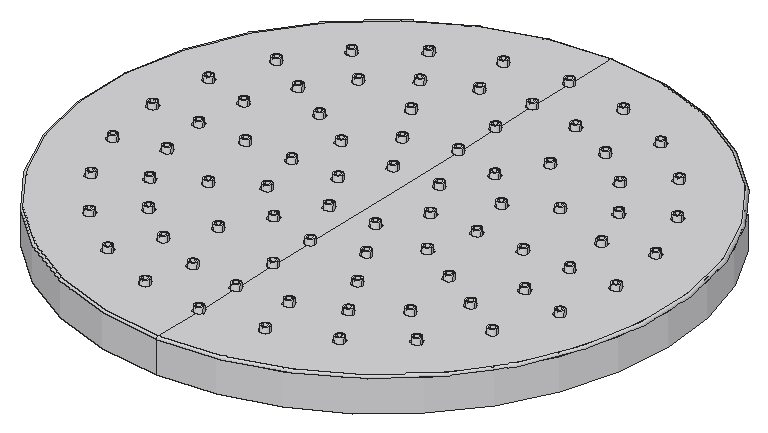
Revit family "Shower-Showerhead-KOHLER-Contemporary-K-99945T_1", category Plumbing Fixtures, host Face, Revit 2017
Family settings
  Host = Face
  Round Connector Dimension = Use Diameter
  Part Type = Normal
  OmniClass Number = 23.31.17.00
  OmniClass Title = Showers
  Cut with Voids When Loaded = No
  Shared = No
  Room Calculation Point = No
Parameters (values of type "Without Katalyst Air Induction Technology , CP-Polished Chrome")
  Width = 7 127/128"  # constant formula
  WaterSense Certified = 1 = 0  # no
  Waste Water Outlet = "Waste Water Outlet"  # constant formula
  Waste Connection = 1 = 0  # no
  Vent Connection = 1 = 0  # no
  URL = "http://www.kohler.com.cn/"
  Type = 1
  Tempered Water Inlet = "Tempered Water Inlet"  # constant formula
  Product Page URL = "https://www.kohler.com.cn/en/product/K-99945T-CL-CP/K-99945T-CL-CP/"
  Product Name = "Contemporary"  # constant formula
  Product Documentation Link = "https://files.kohler.com.cn/pdfs/ri-99945T.pdf"
  Pressure = 0.00 psi
  Model = if(Type = 1, "K-99945T-CL-CP", if(Type = 2, "K-99945T-E-CP ", "NA"))  # "K-99945T-CL-CP"
  Material = "Brass Construction"  # constant formula
  Master Format 2014 Name = "Residential Showers"  # constant formula
  Master Format 2014 = "22 42 23"  # constant formula
  Manufacturer Address = "Kohler Beijing Office (100016) 36-2-03-B, No. 88, Liuxiang Road, Beijing"  # constant formula
  Manufacturer = "KOHLER Co."  # constant formula
  Length = 7 127/128"  # constant formula
  Hot Water Inlet = "Hot Water Inlet"  # constant formula
  Height = 2 113/256"  # constant formula
  HW Connection = 1 = 1  # yes
  Flow Rate = 0 GPM
  Finish = Kohler-Metal-CP-Polished_Chrome
  Environmental Product Declaration = ""
  Drain Included = 1 = 0  # no
  Description = "8inch ROUND RAIN OVERHEAD-PLASTIC MODERN"  # constant formula
  Default Elevation = 0"
  Declare Label = ""
  Date Modified = "11/06/2020"  # constant formula
  Date Created = "11/06/2020"  # constant formula
  Copyright = "Copyright KOHLER Co."  # constant formula
  Contact Us = "http://www.kohler.com.cn/contact/contact-us/"
  Cold Water Inlet = "Cold Water Inlet"  # constant formula
  CW Connection = 1 = 0  # no
  Assembly Code = "D2010700"
  ADA Compliant = 1 = 0  # no
Reference planes (in)
  plane 1 "Center (Front/Back)": y = 0
  plane 2: z = 0
  plane 3 "Center (Left/Right)": x = 0
  plane 4: x = -3.99606
  plane 5: x = 3.99612
  plane 6: x = -0.47184
  plane 7: x = 0.47184
  plane 8: y = 3.99606
  plane 9: y = -3.99612
  plane 10: y = 0.47184
  plane 11: y = -0.47184
  plane 12: z = 2.44141
  plane 13: z = 2.37031
  plane 14: z = 1.88976
Dimensions and locks (in)
  "Width": plane 4 to plane 5
  "Length": plane 9 to plane 8
  "Height": plane 12 to level
  aligned and locked: plane 2 to host face
  aligned and locked: level to host face
  aligned and locked: plane 3 "Center (Left/Right)" to nested 1
  aligned and locked: plane 1 "Center (Front/Back)" to nested 1
  aligned and locked: level to nested 1
Automatic sketch dimensions
  host sketch curve to host sketch curve = 96"  (x2)
Nested families (in)
  nested 1: "K-99945T" at (0, 0, -0.15748), type "K-99945T"
Connectors (in)
  piping at (0, 0, 0), diameter 0.5, driven by "Flow Rate", driven by "HW Connection", driven by "Tempered Water Inlet"
    settings: on nested 1, index 1, connector inside diameter 24", connector length 0", flow factor 0, pipe flow 0 GPM, pressure drop 0.00 psi, fitting loss kfactor 0, connector angle 0.00°, fixture units 0, engagement length 0", angle of deflection 0.00°, flow configuration 0, flow direction 1, fitting loss method 0, system type 19, joint type 0, gender type 0, connector reference index -1, connector utility 1, adjustable connector no, is connector primary yes, connector description "Tempered Water Inlet"
Definition of nested family "K-99945T"
  Parameters (values of type "K-99945T")
    Material = none
  Reference planes (in)
    plane 1 "Center (Front/Back)": y = 0
    plane 2: z = 0
    plane 3 "Center (Left/Right)": x = 0
    plane 4: y = -3.99606
    plane 5: z = 2.59843
    plane 6: y = 3.99606
    plane 7: z = 2.52779
    plane 8: z = 2.04724
    plane 9: x = 3.99606
    plane 10: x = -3.99606
    plane 11: through (0, 0, 48) normal (-0.866, 0.5, 0)
    plane 12: z = 0.15748
    plane 13: y = 0.47184
    plane 14: y = -0.47184
    plane 15: x = 0.47184
    plane 16: x = -0.47184
  Forms (in)
    Revolve 1, solid, material <- "Material", detail levels medium+fine
      sketch origin (0, 0, 0) x (0, 1, 0) y (0, 0, 1)
        loop
          line (0.74853, 2.07109) -> (3.93783, 2.07109) -> (3.9604, 2.04853) -> (3.99606, 2.04853) -> (3.99606, 2.49681)
          arc (3.99606, 2.49681) -> (3.98699, 2.51871) -> (3.96509, 2.52779) r 0.03098
          line (3.96509, 2.52779) -> (0, 2.52779) -> (0, 0.15748) -> (0.47184, 0.15748) -> (0.47184, 0.93959)
          arc (0.47184, 0.93959) -> (0.46713, 0.955) -> (0.45461, 0.96514) r 0.02756
          line (0.45461, 0.96514) -> (0.37206, 0.99849)
          arc (0.37206, 0.99849) -> (0.35954, 1.00863) -> (0.35483, 1.02404) r 0.02756
          line (0.35483, 1.02404) -> (0.35483, 1.13407)
          arc (0.35483, 1.13407) -> (0.35783, 1.1499) -> (0.3664, 1.16354) r 0.04331
          arc (0.3664, 1.16354) -> (0.40404, 1.21029) -> (0.43472, 1.26188) r 0.42493
          line (0.43472, 1.26188) -> (0.47374, 1.26188) -> (0.5184, 1.26976) -> (0.65612, 1.26976)
          arc (0.65612, 1.26976) -> (0.68166, 1.27916) -> (0.695, 1.30288) r 0.03937
          arc (0.695, 1.30288) -> (0.73903, 1.68578) -> (0.74853, 2.07109) r 4.29216
        axis (0, 2.52779) -> (0, 0.15748)
      angle from 0 to 360
    Extrusion 2, void
      sketch origin (0, 0, 0) x (1, 0, 0) y (0, 1, 0)
        loop
          circle (0, 1.29826) r 0.07424
        loop
          circle (0, 1.95079) r 0.07424
        loop
          circle (-0.00142, 2.60042) r 0.07544
        loop
          circle (-0.00142, 3.24982) r 0.07544
        loop
          circle (0, -1.29826) r 0.07424
        loop
          circle (0, -1.95079) r 0.07424
        loop
          circle (-0.00142, -2.60042) r 0.07544
        loop
          circle (-0.00142, -3.24982) r 0.07544
        loop
          circle (1.12494, 0.64948) r 0.07559
        loop
          circle (1.68943, 0.97539) r 0.07559
        loop
          circle (2.25137, 1.29983) r 0.07561
        loop
          circle (2.81494, 1.62521) r 0.07559
        loop
          circle (-1.12494, 0.64948) r 0.07559
        loop
          circle (-1.68943, 0.97539) r 0.07559
        loop
          circle (-2.25137, 1.29983) r 0.07561
        loop
          circle (-2.81494, 1.62521) r 0.07559
        loop
          circle (-1.12494, -0.64948) r 0.07559
        loop
          circle (-1.68943, -0.97539) r 0.07559
        loop
          circle (-2.25137, -1.29983) r 0.07561
        loop
          circle (-2.81494, -1.62521) r 0.07559
        loop
          circle (1.12494, -0.64948) r 0.07559
        loop
          circle (1.68943, -0.97539) r 0.07559
        loop
          circle (2.25137, -1.29983) r 0.07561
        loop
          circle (2.81494, -1.62521) r 0.07559
        loop
          circle (-0.67348, 2.51348) r 0.07559
        loop
          circle (-0.84146, 3.14036) r 0.07559
        loop
          circle (0.67348, 2.51348) r 0.07559
        loop
          circle (0.84146, 3.14036) r 0.07559
        loop
          circle (0.67348, -2.51348) r 0.07559
        loop
          circle (0.84146, -3.14036) r 0.07559
        loop
          circle (-0.67348, -2.51348) r 0.07559
        loop
          circle (-0.84146, -3.14036) r 0.07559
        loop
          circle (-3.13885, 0.84105) r 0.07559
        loop
          circle (-2.51136, 0.67292) r 0.07524
        loop
          circle (3.13885, 0.84105) r 0.07559
        loop
          circle (2.51136, 0.67292) r 0.07524
        loop
          circle (3.13885, -0.84105) r 0.07559
        loop
          circle (2.51136, -0.67292) r 0.07524
        loop
          circle (-3.13885, -0.84105) r 0.07559
        loop
          circle (-2.51136, -0.67292) r 0.07524
        loop
          circle (-2.29764, 2.30001) r 0.07559
        loop
          circle (-1.83814, 1.83994) r 0.07559
        loop
          circle (2.29764, 2.30001) r 0.07559
        loop
          circle (1.83814, 1.83994) r 0.07559
        loop
          circle (2.29764, -2.30001) r 0.07559
        loop
          circle (1.83814, -1.83994) r 0.07559
        loop
          circle (-2.29764, -2.30001) r 0.07559
        loop
          circle (-1.83814, -1.83994) r 0.07559
        loop
          circle (1.62667, -2.81748) r 0.07447
        loop
          circle (1.30103, -2.25346) r 0.07447
        loop
          circle (0.97539, -1.68943) r 0.07447
        loop
          circle (0.64975, -1.12541) r 0.07447
        loop
          circle (0.32606, -0.56213) r 0.07559
        loop
          circle (-1.62667, -2.81748) r 0.07447
        loop
          circle (-1.30103, -2.25346) r 0.07447
        loop
          circle (-0.97539, -1.68943) r 0.07447
        loop
          circle (-0.64975, -1.12541) r 0.07447
        loop
          circle (-0.32606, -0.56213) r 0.07559
        loop
          circle (-1.62667, 2.81748) r 0.07447
        loop
          circle (-1.30103, 2.25346) r 0.07447
        loop
          circle (-0.97539, 1.68943) r 0.07447
        loop
          circle (-0.64975, 1.12541) r 0.07447
        loop
          circle (-0.32606, 0.56213) r 0.07559
        loop
          circle (1.62667, 2.81748) r 0.07447
        loop
          circle (1.30103, 2.25346) r 0.07447
        loop
          circle (0.97539, 1.68943) r 0.07447
        loop
          circle (0.64975, 1.12541) r 0.07447
        loop
          circle (0.32606, 0.56213) r 0.07559
        loop
          circle (0.64823, 0) r 0.07559
        loop
          circle (1.29951, 0) r 0.07559
        loop
          circle (1.9491, 0) r 0.07559
        loop
          circle (2.60193, 0) r 0.07559
        loop
          circle (3.25193, 0) r 0.07559
        loop
          circle (-0.64823, 0) r 0.07559
        loop
          circle (-1.29951, 0) r 0.07559
        loop
          circle (-1.9491, 0) r 0.07559
        loop
          circle (-2.60193, 0) r 0.07559
        loop
          circle (-3.25193, 0) r 0.07559
      from 2.23033 to 4.27742
    Extrusion 3, solid, detail levels medium+fine
      sketch origin (0, 0, 0) x (1, 0, 0) y (0, 1, 0)
        loop
          circle (0.64975, 1.12541) r 0.05906
        loop
          circle (0.64975, 1.12541) r 0.03937
        loop
          circle (0.32606, 0.56213) r 0.05906
        loop
          circle (0.32606, 0.56213) r 0.03937
        loop
          circle (1.62667, 2.81748) r 0.05906
        loop
          circle (1.62667, 2.81748) r 0.03937
        loop
          circle (1.30103, 2.25346) r 0.05906
        loop
          circle (1.30103, 2.25346) r 0.03937
        loop
          circle (0.97539, 1.68943) r 0.03937
        loop
          circle (0.97539, 1.68943) r 0.05906
        loop
          circle (-0.64975, 1.12541) r 0.05906
        loop
          circle (-0.64975, 1.12541) r 0.03937
        loop
          circle (-0.32606, 0.56213) r 0.05906
        loop
          circle (-0.32606, 0.56213) r 0.03937
        loop
          circle (-1.62667, 2.81748) r 0.05906
        loop
          circle (-1.62667, 2.81748) r 0.03937
        loop
          circle (-1.30103, 2.25346) r 0.05906
        loop
          circle (-1.30103, 2.25346) r 0.03937
        loop
          circle (-0.97539, 1.68943) r 0.03937
        loop
          circle (-0.97539, 1.68943) r 0.05906
        loop
          circle (-0.64975, -1.12541) r 0.05906
        loop
          circle (-0.64975, -1.12541) r 0.03937
        loop
          circle (-0.32606, -0.56213) r 0.05906
        loop
          circle (-0.32606, -0.56213) r 0.03937
        loop
          circle (-1.62667, -2.81748) r 0.05906
        loop
          circle (-1.62667, -2.81748) r 0.03937
        loop
          circle (-1.30103, -2.25346) r 0.05906
        loop
          circle (-1.30103, -2.25346) r 0.03937
        loop
          circle (-0.97539, -1.68943) r 0.03937
        loop
          circle (-0.97539, -1.68943) r 0.05906
        loop
          circle (0.64975, -1.12541) r 0.05906
        loop
          circle (0.64975, -1.12541) r 0.03937
        loop
          circle (0.32606, -0.56213) r 0.05906
        loop
          circle (0.32606, -0.56213) r 0.03937
        loop
          circle (1.62667, -2.81748) r 0.05906
        loop
          circle (1.62667, -2.81748) r 0.03937
        loop
          circle (1.30103, -2.25346) r 0.05906
        loop
          circle (1.30103, -2.25346) r 0.03937
        loop
          circle (0.97539, -1.68943) r 0.03937
        loop
          circle (0.97539, -1.68943) r 0.05906
        loop
          circle (0.84146, 3.14036) r 0.03937
        loop
          circle (0.84146, 3.14036) r 0.05906
        loop
          circle (0.67348, 2.51348) r 0.03937
        loop
          circle (0.67348, 2.51348) r 0.05906
        loop
          circle (2.29764, 2.30001) r 0.03937
        loop
          circle (2.29764, 2.30001) r 0.05906
        loop
          circle (1.83814, 1.83994) r 0.03937
        loop
          circle (1.83814, 1.83994) r 0.05906
        loop
          circle (3.13885, 0.84105) r 0.03937
        loop
          circle (3.13885, 0.84105) r 0.05906
        loop
          circle (2.51136, 0.67292) r 0.03937
        loop
          circle (2.51136, 0.67292) r 0.05906
        loop
          circle (-0.00142, 3.24982) r 0.05906
        loop
          circle (-0.00142, 3.24982) r 0.03937
        loop
          circle (-0.00142, 2.60042) r 0.05906
        loop
          circle (-0.00142, 2.60042) r 0.03937
        loop
          circle (0, 1.95079) r 0.03937
        loop
          circle (0, 1.95079) r 0.05906
        loop
          circle (0, 1.29826) r 0.05906
        loop
          circle (0, 1.29826) r 0.03937
        loop
          circle (0.84146, -3.14036) r 0.03937
        loop
          circle (0.84146, -3.14036) r 0.05906
        loop
          circle (0.67348, -2.51348) r 0.03937
        loop
          circle (0.67348, -2.51348) r 0.05906
        loop
          circle (2.29764, -2.30001) r 0.03937
        loop
          circle (2.29764, -2.30001) r 0.05906
        loop
          circle (1.83814, -1.83994) r 0.03937
        loop
          circle (1.83814, -1.83994) r 0.05906
        loop
          circle (3.13885, -0.84105) r 0.03937
        loop
          circle (3.13885, -0.84105) r 0.05906
        loop
          circle (2.51136, -0.67292) r 0.03937
        loop
          circle (2.51136, -0.67292) r 0.05906
        loop
          circle (-0.84146, -3.14036) r 0.03937
        loop
          circle (-0.84146, -3.14036) r 0.05906
        loop
          circle (-0.67348, -2.51348) r 0.03937
        loop
          circle (-0.67348, -2.51348) r 0.05906
        loop
          circle (-2.29764, -2.30001) r 0.03937
        loop
          circle (-2.29764, -2.30001) r 0.05906
        loop
          circle (-1.83814, -1.83994) r 0.03937
        loop
          circle (-1.83814, -1.83994) r 0.05906
        loop
          circle (-3.13885, -0.84105) r 0.03937
        loop
          circle (-3.13885, -0.84105) r 0.05906
        loop
          circle (-2.51136, -0.67292) r 0.03937
        loop
          circle (-2.51136, -0.67292) r 0.05906
        loop
          circle (-0.84146, 3.14036) r 0.03937
        loop
          circle (-0.84146, 3.14036) r 0.05906
        loop
          circle (-0.67348, 2.51348) r 0.03937
        loop
          circle (-0.67348, 2.51348) r 0.05906
        loop
          circle (-2.29764, 2.30001) r 0.03937
        loop
          circle (-2.29764, 2.30001) r 0.05906
        loop
          circle (-1.83814, 1.83994) r 0.03937
        loop
          circle (-1.83814, 1.83994) r 0.05906
        loop
          circle (-3.13885, 0.84105) r 0.03937
        loop
          circle (-3.13885, 0.84105) r 0.05906
        loop
          circle (-2.51136, 0.67292) r 0.03937
        loop
          circle (-2.51136, 0.67292) r 0.05906
        loop
          circle (-0.00142, -3.24982) r 0.05906
        loop
          circle (-0.00142, -3.24982) r 0.03937
        loop
          circle (-0.00142, -2.60042) r 0.05906
        loop
          circle (-0.00142, -2.60042) r 0.03937
        loop
          circle (0, -1.95079) r 0.03937
        loop
          circle (0, -1.95079) r 0.05906
        loop
          circle (0, -1.29826) r 0.05906
        loop
          circle (0, -1.29826) r 0.03937
        loop
          circle (-2.81494, 1.62521) r 0.03937
        loop
          circle (-2.25137, 1.29983) r 0.03937
        loop
          circle (-2.81494, 1.62521) r 0.05906
        loop
          circle (-2.25137, 1.29983) r 0.05906
        loop
          circle (-1.68943, 0.97539) r 0.03937
        loop
          circle (-1.68943, 0.97539) r 0.05906
        loop
          circle (-1.12494, 0.64948) r 0.03937
        loop
          circle (-1.12494, 0.64948) r 0.05906
        loop
          circle (2.81494, 1.62521) r 0.03937
        loop
          circle (2.25137, 1.29983) r 0.03937
        loop
          circle (2.81494, 1.62521) r 0.05906
        loop
          circle (2.25137, 1.29983) r 0.05906
        loop
          circle (1.68943, 0.97539) r 0.03937
        loop
          circle (1.68943, 0.97539) r 0.05906
        loop
          circle (1.12494, 0.64948) r 0.03937
        loop
          circle (1.12494, 0.64948) r 0.05906
        loop
          circle (2.81494, -1.62521) r 0.03937
        loop
          circle (2.25137, -1.29983) r 0.03937
        loop
          circle (2.81494, -1.62521) r 0.05906
        loop
          circle (2.25137, -1.29983) r 0.05906
        loop
          circle (1.68943, -0.97539) r 0.03937
        loop
          circle (1.68943, -0.97539) r 0.05906
        loop
          circle (1.12494, -0.64948) r 0.03937
        loop
          circle (1.12494, -0.64948) r 0.05906
        loop
          circle (-2.81494, -1.62521) r 0.03937
        loop
          circle (-2.25137, -1.29983) r 0.03937
        loop
          circle (-2.81494, -1.62521) r 0.05906
        loop
          circle (-2.25137, -1.29983) r 0.05906
        loop
          circle (-1.68943, -0.97539) r 0.03937
        loop
          circle (-1.68943, -0.97539) r 0.05906
        loop
          circle (-1.12494, -0.64948) r 0.03937
        loop
          circle (-1.12494, -0.64948) r 0.05906
        loop
          circle (0.64823, 0) r 0.05906
        loop
          circle (0.64823, 0) r 0.03937
        loop
          circle (-0.64823, 0) r 0.05906
        loop
          circle (-0.64823, 0) r 0.03937
        loop
          circle (-3.25193, 0) r 0.05906
        loop
          circle (-3.25193, 0) r 0.03937
        loop
          circle (-2.60193, 0) r 0.05906
        loop
          circle (-2.60193, 0) r 0.03937
        loop
          circle (-1.9491, 0) r 0.05906
        loop
          circle (-1.9491, 0) r 0.03937
        loop
          circle (-1.29951, 0) r 0.03937
        loop
          circle (-1.29951, 0) r 0.05906
        loop
          circle (3.25193, 0) r 0.05906
        loop
          circle (3.25193, 0) r 0.03937
        loop
          circle (2.60193, 0) r 0.05906
        loop
          circle (2.60193, 0) r 0.03937
        loop
          circle (1.9491, 0) r 0.05906
        loop
          circle (1.9491, 0) r 0.03937
        loop
          circle (1.29951, 0) r 0.03937
        loop
          circle (1.29951, 0) r 0.05906
      from 2.23834 to 2.59843
    Extrusion 4, void
      sketch origin (0, 0, 0) x (0, 1, 0) y (0, 0, 1)
        loop
          line (-0.43308, 1.02501) -> (-0.62993, 1.02501) -> (-0.62993, 0.47244) -> (-0.43308, 0.47244) -> (-0.43308, 1.02501)
        loop
          line (0.43306, 0.47244) -> (0.62993, 0.47244) -> (0.62993, 1.02501) -> (0.43306, 1.02501) -> (0.43306, 0.47244)
      from -0.80178 to 1.22875
    Extrusion 5, solid, material <- "Material", detail levels medium+fine
      sketch origin (0, 0, 0) x (1, 0, 0) y (0, 1, 0)
        loop
          circle (0, 0) r 0.27559
      from 0.15748 to 0.25773
    Revolve 6, solid, material <- "Material", detail levels coarse
      sketch origin (0, 0, 0) x (0, 1, 0) y (0, 0, 1)
        loop
          line (0, 2.59843) -> (0, 0.15748) -> (0.5184, 0.15748) -> (0.5184, 1.01439) -> (0.45196, 1.01439) -> (0.45196, 1.25984) -> (0.74895, 1.25984) -> (0.74895, 2.04724) -> (3.99606, 2.04724) -> (3.99606, 2.59843) -> (0, 2.59843)
        axis (0, 2.59843) -> (0, 0.15748)
      angle from 0 to 360
  Cuts and joins
    Extrusion 2, Extrusion 4 cuts Revolve 1
  Lines and regions (in)
    Masking region 1
      outline origin (0, 0, 0) x (1, 0, 0) y (0, 0, 1)
        loop
          line (3.99606, 2.04724) -> (3.99606, 2.49681)
          arc (3.99606, 2.49681) -> (3.98699, 2.51871) -> (3.96509, 2.52779) r 0.03098
          line (3.96509, 2.52779) -> (3.31099, 2.52779) -> (3.31099, 2.59843) -> (3.0798, 2.59843) -> (3.0798, 2.52779) -> (2.874, 2.52779) -> (2.874, 2.59843) -> (2.75588, 2.59843) -> (2.75588, 2.52779) -> (2.66099, 2.52779) -> (2.66099, 2.59843) -> (2.4523, 2.59843) -> (2.4523, 2.52779) -> (2.3567, 2.52779) -> (2.3567, 2.59843) -> (2.19231, 2.59843) -> (2.19231, 2.52779) -> (2.00815, 2.52779) -> (2.00815, 2.59843) -> (1.77908, 2.59843) -> (1.77908, 2.52779) -> (1.74849, 2.53318) -> (1.74849, 2.59843) -> (1.56762, 2.59843) -> (1.56762, 2.52779) -> (1.36009, 2.52779) -> (1.36009, 2.59843) -> (1.24045, 2.59843) -> (1.24045, 2.52779) -> (1.18399, 2.52779) -> (1.18399, 2.59843) -> (1.06588, 2.59843) -> (1.06588, 2.52779) -> (1.03445, 2.52779) -> (1.03445, 2.59843) -> (0.91634, 2.59843) -> (0.91634, 2.52419) -> (0.90051, 2.55161) -> (0.90051, 2.59843) -> (0.7824, 2.59843) -> (0.7824, 2.52779) -> (0.73254, 2.52779) -> (0.73254, 2.59843) -> (0.58917, 2.59843) -> (0.58917, 2.52779) -> (0.38512, 2.52779) -> (0.38512, 2.59843) -> (0.26701, 2.59843) -> (0.26701, 2.52779) -> (0.05906, 2.52779) -> (0.05906, 2.59843) -> (0, 2.59843) -> (-0.05906, 2.59843) -> (-0.05906, 2.52779) -> (-0.26701, 2.52779) -> (-0.26701, 2.59843) -> (-0.38512, 2.59843) -> (-0.38512, 2.52779) -> (-0.58917, 2.52779) -> (-0.58917, 2.59843) -> (-0.73254, 2.59843) -> (-0.73254, 2.52779) -> (-0.7824, 2.52779) -> (-0.7824, 2.59843) -> (-0.90051, 2.59843) -> (-0.90051, 2.55161) -> (-0.91634, 2.52419) -> (-0.91634, 2.59843) -> (-1.03445, 2.59843) -> (-1.03445, 2.52779) -> (-1.06588, 2.52779) -> (-1.06588, 2.59843) -> (-1.18399, 2.59843) -> (-1.18399, 2.52779) -> (-1.24045, 2.52779) -> (-1.24045, 2.59843) -> (-1.36009, 2.59843) -> (-1.36009, 2.52779) -> (-1.56762, 2.52779) -> (-1.56762, 2.59843) -> (-1.74849, 2.59843) -> (-1.74849, 2.53318) -> (-1.77908, 2.52779) -> (-1.77908, 2.59843) -> (-2.00815, 2.59843) -> (-2.00815, 2.52779) -> (-2.19231, 2.52779) -> (-2.19231, 2.59843) -> (-2.3567, 2.59843) -> (-2.3567, 2.52779) -> (-2.4523, 2.52779) -> (-2.4523, 2.59843) -> (-2.66099, 2.59843) -> (-2.66099, 2.52779) -> (-2.75588, 2.52779) -> (-2.75588, 2.59843) -> (-2.874, 2.59843) -> (-2.874, 2.52779) -> (-3.0798, 2.52779) -> (-3.0798, 2.59843) -> (-3.31099, 2.59843) -> (-3.31099, 2.52779) -> (-3.96509, 2.52779)
          arc (-3.96509, 2.52779) -> (-3.98699, 2.51871) -> (-3.99606, 2.49681) r 0.03098
          line (-3.99606, 2.49681) -> (-3.99606, 2.04724) -> (-0.75244, 2.04724)
          arc (-0.75244, 2.04724) -> (-0.742, 1.6738) -> (-0.69832, 1.30278) r 4.18604
          arc (-0.69832, 1.30278) -> (-0.68496, 1.27913) -> (-0.65946, 1.26976) r 0.03937
          line (-0.65946, 1.26976) -> (-0.5184, 1.26976) -> (-0.47374, 1.26188) -> (-0.43472, 1.26188)
          arc (-0.43472, 1.26188) -> (-0.4051, 1.20819) -> (-0.36707, 1.16009) r 0.37241
          arc (-0.36707, 1.16009) -> (-0.35842, 1.14642) -> (-0.3554, 1.13053) r 0.04331
          line (-0.3554, 1.13053) -> (-0.3554, 1.02414)
          arc (-0.3554, 1.02414) -> (-0.36011, 1.00873) -> (-0.37264, 0.99859) r 0.02756
          line (-0.37264, 0.99859) -> (-0.45461, 0.96547)
          arc (-0.45461, 0.96547) -> (-0.46713, 0.95533) -> (-0.47184, 0.93992) r 0.02756
          line (-0.47184, 0.93992) -> (-0.47184, 0.15748) -> (0.47184, 0.15748) -> (0.47184, 0.93992)
          arc (0.47184, 0.93992) -> (0.46713, 0.95533) -> (0.45461, 0.96547) r 0.02756
          line (0.45461, 0.96547) -> (0.37264, 0.99859)
          arc (0.37264, 0.99859) -> (0.36011, 1.00873) -> (0.3554, 1.02414) r 0.02756
          line (0.3554, 1.02414) -> (0.3554, 1.13053)
          arc (0.3554, 1.13053) -> (0.35842, 1.14642) -> (0.36707, 1.16009) r 0.04331
          arc (0.36707, 1.16009) -> (0.4051, 1.20819) -> (0.43472, 1.26188) r 0.37241
          line (0.43472, 1.26188) -> (0.47374, 1.26188) -> (0.5184, 1.26976) -> (0.65946, 1.26976)
          arc (0.65946, 1.26976) -> (0.68496, 1.27913) -> (0.69832, 1.30278) r 0.03937
          arc (0.69832, 1.30278) -> (0.742, 1.6738) -> (0.75244, 2.04724) r 4.18604
          line (0.75244, 2.04724) -> (3.99606, 2.04724)
    Masking region 2
      outline origin (0, 0, 0) x (0, 1, 0) y (0, 0, 1)
        loop
          line (-3.99606, 2.04724) -> (-0.74895, 2.04724)
          arc (-0.74895, 2.04724) -> (-0.73818, 1.67389) -> (-0.695, 1.30288) r 4.29216
          arc (-0.695, 1.30288) -> (-0.68166, 1.27916) -> (-0.65612, 1.26976) r 0.03937
          line (-0.65612, 1.26976) -> (-0.5184, 1.26976) -> (-0.47374, 1.26188) -> (-0.43472, 1.26188)
          arc (-0.43472, 1.26188) -> (-0.40404, 1.21029) -> (-0.3664, 1.16354) r 0.42493
          arc (-0.3664, 1.16354) -> (-0.35783, 1.1499) -> (-0.35483, 1.13407) r 0.04331
          line (-0.35483, 1.13407) -> (-0.35483, 1.02404)
          arc (-0.35483, 1.02404) -> (-0.35954, 1.00863) -> (-0.37206, 0.99849) r 0.02756
          line (-0.37206, 0.99849) -> (-0.43308, 0.97384) -> (-0.43308, 0.47244) -> (-0.47184, 0.47244) -> (-0.47184, 0.15748) -> (0, 0.15748) -> (0.47184, 0.15748) -> (0.47184, 0.47244) -> (0.43306, 0.47244) -> (0.43306, 0.97384) -> (0.37206, 0.99849)
          arc (0.37206, 0.99849) -> (0.35954, 1.00863) -> (0.35483, 1.02404) r 0.02756
          line (0.35483, 1.02404) -> (0.35483, 1.13407)
          arc (0.35483, 1.13407) -> (0.35783, 1.1499) -> (0.3664, 1.16354) r 0.04331
          arc (0.3664, 1.16354) -> (0.40404, 1.21029) -> (0.43472, 1.26188) r 0.42493
          line (0.43472, 1.26188) -> (0.47374, 1.26188) -> (0.5184, 1.26976) -> (0.65612, 1.26976)
          arc (0.65612, 1.26976) -> (0.68166, 1.27916) -> (0.695, 1.30288) r 0.03937
          arc (0.695, 1.30288) -> (0.73818, 1.67389) -> (0.74895, 2.04724) r 4.29216
          line (0.74895, 2.04724) -> (3.99606, 2.04724) -> (3.99606, 2.49681)
          arc (3.99606, 2.49681) -> (3.98699, 2.51871) -> (3.96509, 2.52779) r 0.03098
          line (3.96509, 2.52779) -> (3.30928, 2.52779) -> (3.30928, 2.59843) -> (3.08141, 2.59843) -> (3.08141, 2.52779) -> (2.87721, 2.52779) -> (2.87721, 2.59843) -> (2.75818, 2.59843) -> (2.75818, 2.52779) -> (2.66099, 2.52779) -> (2.66099, 2.59843) -> (2.45386, 2.59843) -> (2.45386, 2.52779) -> (2.35932, 2.52779) -> (2.35932, 2.59843) -> (2.19383, 2.59843) -> (2.19383, 2.52779) -> (2.01004, 2.52779) -> (2.01004, 2.59843) -> (1.78077, 2.59843) -> (1.78077, 2.52749) -> (1.74849, 2.53318) -> (1.74849, 2.59843) -> (1.56581, 2.59843) -> (1.56581, 2.52779) -> (1.3591, 2.52779) -> (1.3591, 2.59843) -> (1.23908, 2.59843) -> (1.23908, 2.52779) -> (1.18459, 2.52779) -> (1.18459, 2.59843) -> (1.0663, 2.59843) -> (1.0663, 2.52779) -> (1.03445, 2.52779) -> (1.03445, 2.59843) -> (0.91634, 2.59843) -> (0.91634, 2.52779) -> (0.90014, 2.55474) -> (0.90014, 2.59843) -> (0.7824, 2.59843) -> (0.7824, 2.52779) -> (0.73254, 2.52779) -> (0.73254, 2.59843) -> (0.50273, 2.59843) -> (0.50273, 2.52779) -> (0.05906, 2.52779) -> (0.05906, 2.59843) -> (0, 2.59843) -> (-0.05906, 2.59843) -> (-0.05906, 2.52779) -> (-0.5028, 2.52779) -> (-0.5028, 2.59843) -> (-0.73215, 2.59843) -> (-0.73215, 2.52779) -> (-0.78195, 2.52779) -> (-0.78195, 2.59843) -> (-0.90022, 2.59843) -> (-0.90022, 2.55462) -> (-0.91634, 2.52779) -> (-0.91634, 2.59843) -> (-1.03445, 2.59843) -> (-1.03445, 2.52779) -> (-1.06588, 2.52779) -> (-1.06588, 2.59843) -> (-1.18469, 2.59843) -> (-1.18469, 2.52779) -> (-1.23877, 2.52779) -> (-1.23877, 2.59843) -> (-1.35895, 2.59843) -> (-1.35895, 2.52779) -> (-1.56762, 2.52779) -> (-1.56762, 2.59843) -> (-1.74849, 2.59843) -> (-1.74849, 2.53318) -> (-1.78056, 2.52753) -> (-1.78056, 2.59843) -> (-2.00997, 2.59843) -> (-2.00997, 2.52779) -> (-2.19457, 2.52779) -> (-2.19457, 2.59843) -> (-2.35918, 2.59843) -> (-2.35918, 2.52779) -> (-2.45423, 2.52779) -> (-2.45423, 2.59843) -> (-2.6596, 2.59843) -> (-2.6596, 2.52779) -> (-2.75813, 2.52779) -> (-2.75813, 2.59843) -> (-2.87685, 2.59843) -> (-2.87685, 2.52779) -> (-3.08072, 2.52779) -> (-3.08072, 2.59843) -> (-3.3091, 2.59843) -> (-3.3091, 2.52779) -> (-3.96509, 2.52779)
          arc (-3.96509, 2.52779) -> (-3.98699, 2.51871) -> (-3.99606, 2.49681) r 0.03098
          line (-3.99606, 2.49681) -> (-3.99606, 2.04724)
    Masking region 3
      outline origin (0, 0, 0) x (1, 0, 0) y (0, 1, 0)
        loop
          circle (0, 0) r 3.99606
    symbolic lines, detail levels medium+fine
      curve 1: line (-3.31099, 0, 2.52779) -> (-3.0798, 0, 2.52779)
      curve 2: line (-2.874, 0, 2.52779) -> (-2.75588, 0, 2.52779)
      curve 3: line (-2.75588, 0, 2.52779) -> (-2.66099, 0, 2.52779)
      curve 4: line (-2.66099, 0, 2.52779) -> (-2.4523, 0, 2.52779)
      curve 5: line (-2.3567, 0, 2.52779) -> (-2.19231, 0, 2.52779)
      curve 6: line (-2.00815, 0, 2.52779) -> (-1.77908, 0, 2.52779)
      curve 7: line (-1.77908, 0, 2.52779) -> (-1.56762, 0, 2.52779)
      curve 8: line (-1.24045, 0, 2.52779) -> (-1.36009, 0, 2.52779)
      curve 9: line (-1.18399, 0, 2.52779) -> (-1.06588, 0, 2.52779)
      curve 10: line (-1.03445, 0, 2.52779) -> (-0.7824, 0, 2.52779)
      curve 11: line (-0.58917, 0, 2.52779) -> (-0.73254, 0, 2.52779)
      curve 12: line (-0.38512, 0, 2.52779) -> (-0.26701, 0, 2.52779)
      curve 13: line (-0.05906, 0, 2.52779) -> (0.05906, 0, 2.52779)
      curve 14: line (0.26701, 0, 2.52779) -> (0.38512, 0, 2.52779)
      curve 15: line (0.58917, 0, 2.52779) -> (0.73254, 0, 2.52779)
      curve 16: line (0.7824, 0, 2.52779) -> (1.03445, 0, 2.52779)
      curve 17: line (1.06588, 0, 2.52779) -> (1.18399, 0, 2.52779)
      curve 18: line (1.24045, 0, 2.52779) -> (1.36009, 0, 2.52779)
      curve 19: line (1.56762, 0, 2.52779) -> (2.00815, 0, 2.52779)
      curve 20: line (2.19231, 0, 2.52779) -> (2.3567, 0, 2.52779)
      curve 21: line (2.4523, 0, 2.52779) -> (2.66099, 0, 2.52779)
      curve 22: line (2.75588, 0, 2.52779) -> (2.874, 0, 2.52779)
      curve 23: line (3.0798, 0, 2.52779) -> (3.31099, 0, 2.52779)
      curve 24: line (-3.19791, 0, 2.59843) -> (-3.19791, 0, 2.52779)
      curve 25: line (-2.56256, 0, 2.59843) -> (-2.56256, 0, 2.52779)
      curve 26: line (-2.25827, 0, 2.59843) -> (-2.25827, 0, 2.52779)
      curve 27: line (-1.89004, 0, 2.59843) -> (-1.89004, 0, 2.52779)
      curve 28: line (-1.66604, 0, 2.59843) -> (-1.66604, 0, 2.52779)
      curve 29: line (-0.63411, 0, 2.59843) -> (-0.63411, 0, 2.52779)
      curve 30: line (1.68573, 0, 2.59843) -> (1.68573, 0, 2.52779)
      curve 31: line (1.89004, 0, 2.59843) -> (1.89004, 0, 2.52779)
      curve 32: line (2.25827, 0, 2.59843) -> (2.25827, 0, 2.52779)
      curve 33: line (2.55073, 0, 2.59843) -> (2.55073, 0, 2.52779)
      curve 34: line (3.19288, 0, 2.59843) -> (3.19288, 0, 2.52779)
      curve 35: line (0, -3.08072, 2.52779) -> (0, -3.3091, 2.52779)
      curve 36: line (0, -3.19941, 2.59843) -> (0, -3.19941, 2.52779)
      curve 37: line (0, -2.75813, 2.52779) -> (0, -2.88198, 2.52779)
      curve 38: line (0, -2.6596, 2.52779) -> (0, -2.45423, 2.52779)
      curve 39: line (0, -2.57253, 2.59843) -> (0, -2.57253, 2.52779)
      curve 40: line (0, -2.26064, 2.59843) -> (0, -2.26064, 2.52779)
      curve 41: line (0, -2.19457, 2.52779) -> (0, -2.35918, 2.52779)
      curve 42: line (0, -1.89899, 2.59843) -> (0, -1.89899, 2.52779)
      curve 43: line (0, -1.66458, 2.59843) -> (0, -1.66458, 2.52779)
      curve 44: line (0, -1.56762, 2.52779) -> (0, -2.00997, 2.52779)
      curve 45: line (0, -0.78195, 2.52779) -> (0, -1.03445, 2.52779)
      curve 46: line (0, -1.06092, 2.52779) -> (0, -1.18469, 2.52779)
      curve 47: line (0, -1.23877, 2.52779) -> (0, -1.35895, 2.52779)
      curve 48: line (0, -0.5028, 2.52779) -> (0, -0.73215, 2.52779)
      curve 49: line (0, -0.61011, 2.59843) -> (0, -0.61011, 2.52779)
      curve 50: line (0, -0.6015, 2.59843) -> (0, -0.6015, 2.52779)
      curve 51: line (0, 0.05906, 2.52779) -> (0, -0.05906, 2.52779)
      curve 52: line (0, 0.73254, 2.52779) -> (0, 0.50273, 2.52779)
      curve 53: line (0, 0.61011, 2.59843) -> (0, 0.61011, 2.52779)
      curve 54: line (0, 0.62119, 2.59843) -> (0, 0.62119, 2.52779)
      curve 55: line (0, 0.7824, 2.52779) -> (0, 1.03445, 2.52779)
      curve 56: line (0, 1.3591, 2.52779) -> (0, 1.23908, 2.52779)
      curve 57: line (0, 1.18459, 2.52779) -> (0, 1.0663, 2.52779)
      curve 58: line (0, 3.30928, 2.52779) -> (0, 3.08141, 2.52779)
      curve 59: line (0, 3.19076, 2.59843) -> (0, 3.19076, 2.52779)
      curve 60: line (0, 2.87721, 2.52779) -> (0, 2.75299, 2.52779)
      curve 61: line (0, 2.55285, 2.59843) -> (0, 2.55285, 2.52779)
      curve 62: line (0, 2.66099, 2.52779) -> (0, 2.45386, 2.52779)
      curve 63: line (0, 2.26064, 2.59843) -> (0, 2.26064, 2.52779)
      curve 64: line (0, 2.35932, 2.52779) -> (0, 2.19383, 2.52779)
      curve 65: line (0, 2.01004, 2.52779) -> (0, 1.56581, 2.52779)
      curve 66: line (0, 1.89173, 2.59843) -> (0, 1.89173, 2.52779)
      curve 67: line (0, 1.66458, 2.59843) -> (0, 1.66458, 2.52779)
      curve 68: arc (0.07402, 3.24982, 0) -> (-0.00142, 3.32526, 0) -> (-0.07686, 3.24982, 0) r 0.07544
      curve 69: arc (-0.07686, 3.24982, 0) -> (-0.00142, 3.17438, 0) -> (0.07402, 3.24982, 0) r 0.07544
      curve 70: arc (-0.04079, 3.24982, 0) -> (-0.00142, 3.28919, 0) -> (0.03795, 3.24982, 0) r 0.03937
      curve 71: arc (0.03795, 3.24982, 0) -> (-0.00142, 3.21045, 0) -> (-0.04079, 3.24982, 0) r 0.03937
      curve 72: arc (-0.06047, 3.24982, 0) -> (-0.00142, 3.19076, 0) -> (0.05764, 3.24982, 0) r 0.05906
      curve 73: arc (0.05764, 3.24982, 0) -> (-0.00142, 3.30887, 0) -> (-0.06047, 3.24982, 0) r 0.05906
      curve 74: arc (-0.06047, 2.60042, 0) -> (-0.00142, 2.54136, 0) -> (0.05764, 2.60042, 0) r 0.05906
      curve 75: arc (-0.04079, 2.60042, 0) -> (-0.00142, 2.63979, 0) -> (0.03795, 2.60042, 0) r 0.03937
      curve 76: arc (0.03795, 2.60042, 0) -> (-0.00142, 2.56105, 0) -> (-0.04079, 2.60042, 0) r 0.03937
      curve 77: arc (0.05764, 2.60042, 0) -> (-0.00142, 2.65947, 0) -> (-0.06047, 2.60042, 0) r 0.05906
      curve 78: arc (0.07402, 2.60042, 0) -> (-0.00142, 2.67586, 0) -> (-0.07686, 2.60042, 0) r 0.07544
      curve 79: arc (-0.07686, 2.60042, 0) -> (-0.00142, 2.52498, 0) -> (0.07402, 2.60042, 0) r 0.07544
      curve 80: arc (-0.07424, 1.95079, 0) -> (0, 1.87655, 0) -> (0.07424, 1.95079, 0) r 0.07424
      curve 81: arc (-0.05906, 1.95079, 0) -> (0, 1.89173, 0) -> (0.05906, 1.95079, 0) r 0.05906
      curve 82: arc (0.03937, 1.95079, 0) -> (0, 1.91142, 0) -> (-0.03937, 1.95079, 0) r 0.03937
      curve 83: arc (-0.03937, 1.95079, 0) -> (0, 1.99016, 0) -> (0.03937, 1.95079, 0) r 0.03937
      curve 84: arc (0.05906, 1.95079, 0) -> (0, 2.00984, 0) -> (-0.05906, 1.95079, 0) r 0.05906
      curve 85: arc (0.07424, 1.95079, 0) -> (0, 2.02503, 0) -> (-0.07424, 1.95079, 0) r 0.07424
      curve 86: arc (-0.07424, 1.29826, 0) -> (0, 1.22402, 0) -> (0.07424, 1.29826, 0) r 0.07424
      curve 87: arc (-0.05906, 1.29826, 0) -> (0, 1.2392, 0) -> (0.05906, 1.29826, 0) r 0.05906
      curve 88: arc (0.05906, 1.29826, 0) -> (0, 1.2392, 0) -> (-0.05906, 1.29826, 0) r 0.05906
      curve 89: arc (-0.05906, 1.29826, 0) -> (0, 1.35731, 0) -> (0.05906, 1.29826, 0) r 0.05906
      curve 90: arc (0.07424, 1.29826, 0) -> (0, 1.3725, 0) -> (-0.07424, 1.29826, 0) r 0.07424
      curve 91: arc (-0.05906, 1.29826, 0) -> (0, 1.2392, 0) -> (0.05906, 1.29826, 0) r 0.05906
      curve 92: arc (-0.03937, 1.29826, 0) -> (0.01445, 1.33488, 0) -> (0.02877, 1.27138, 0) r 0.03937
      curve 93: arc (0.03937, 1.29826, 0) -> (0, 1.25889, 0) -> (-0.03937, 1.29826, 0) r 0.03937
      curve 94: arc (0.07402, -3.24982, 0) -> (-0.00142, -3.32526, 0) -> (-0.07686, -3.24982, 0) r 0.07544
      curve 95: arc (-0.07686, -3.24982, 0) -> (-0.00142, -3.17438, 0) -> (0.07402, -3.24982, 0) r 0.07544
      curve 96: arc (-0.04079, -3.24982, 0) -> (-0.00142, -3.28919, 0) -> (0.03795, -3.24982, 0) r 0.03937
      curve 97: arc (0.03795, -3.24982, 0) -> (-0.00142, -3.21045, 0) -> (-0.04079, -3.24982, 0) r 0.03937
      curve 98: arc (-0.06047, -3.24982, 0) -> (-0.00142, -3.19076, 0) -> (0.05764, -3.24982, 0) r 0.05906
      curve 99: arc (0.05764, -3.24982, 0) -> (-0.00142, -3.30887, 0) -> (-0.06047, -3.24982, 0) r 0.05906
      curve 100: arc (-0.06047, -2.60042, 0) -> (-0.00142, -2.54136, 0) -> (0.05764, -2.60042, 0) r 0.05906
      curve 101: arc (-0.04079, -2.60042, 0) -> (-0.00142, -2.63979, 0) -> (0.03795, -2.60042, 0) r 0.03937
      curve 102: arc (0.03795, -2.60042, 0) -> (-0.00142, -2.56105, 0) -> (-0.04079, -2.60042, 0) r 0.03937
      curve 103: arc (0.05764, -2.60042, 0) -> (-0.00142, -2.65947, 0) -> (-0.06047, -2.60042, 0) r 0.05906
      curve 104: arc (0.07402, -2.60042, 0) -> (-0.00142, -2.67586, 0) -> (-0.07686, -2.60042, 0) r 0.07544
      curve 105: arc (-0.07686, -2.60042, 0) -> (-0.00142, -2.52498, 0) -> (0.07402, -2.60042, 0) r 0.07544
      curve 106: arc (-0.07424, -1.95079, 0) -> (0, -1.87655, 0) -> (0.07424, -1.95079, 0) r 0.07424
      curve 107: arc (-0.05906, -1.95079, 0) -> (0, -1.89173, 0) -> (0.05906, -1.95079, 0) r 0.05906
      curve 108: arc (0.03937, -1.95079, 0) -> (0, -1.91142, 0) -> (-0.03937, -1.95079, 0) r 0.03937
      curve 109: arc (-0.03937, -1.95079, 0) -> (0, -1.99016, 0) -> (0.03937, -1.95079, 0) r 0.03937
      curve 110: arc (0.05906, -1.95079, 0) -> (0, -2.00984, 0) -> (-0.05906, -1.95079, 0) r 0.05906
      curve 111: arc (0.07424, -1.95079, 0) -> (0, -2.02503, 0) -> (-0.07424, -1.95079, 0) r 0.07424
      curve 112: arc (-0.07424, -1.29826, 0) -> (0, -1.22402, 0) -> (0.07424, -1.29826, 0) r 0.07424
      curve 113: arc (-0.05906, -1.29826, 0) -> (0, -1.2392, 0) -> (0.05906, -1.29826, 0) r 0.05906
      curve 114: arc (0.05906, -1.29826, 0) -> (0, -1.2392, 0) -> (-0.05906, -1.29826, 0) r 0.05906
      curve 115: arc (-0.05906, -1.29826, 0) -> (0, -1.35731, 0) -> (0.05906, -1.29826, 0) r 0.05906
      curve 116: arc (0.07424, -1.29826, 0) -> (0, -1.3725, 0) -> (-0.07424, -1.29826, 0) r 0.07424
      curve 117: arc (-0.05906, -1.29826, 0) -> (0, -1.2392, 0) -> (0.05906, -1.29826, 0) r 0.05906
      curve 118: arc (-0.03937, -1.29826, 0) -> (0.01445, -1.33488, 0) -> (0.02877, -1.27138, 0) r 0.03937
      curve 119: arc (0.03937, -1.29826, 0) -> (0, -1.25889, 0) -> (-0.03937, -1.29826, 0) r 0.03937
      curve 120: arc (0.88083, 3.14036, 0) -> (0.84146, 3.10099, 0) -> (0.80209, 3.14036, 0) r 0.03937
      curve 121: arc (0.80209, 3.14036, 0) -> (0.84146, 3.17973, 0) -> (0.88083, 3.14036, 0) r 0.03937
      curve 122: arc (0.90051, 3.14036, 0) -> (0.84146, 3.19941, 0) -> (0.7824, 3.14036, 0) r 0.05906
      curve 123: arc (0.91705, 3.14036, 0) -> (0.84146, 3.21595, 0) -> (0.76587, 3.14036, 0) r 0.07559
      curve 124: arc (0.76587, 3.14036, 0) -> (0.84146, 3.06477, 0) -> (0.91705, 3.14036, 0) r 0.07559
      curve 125: arc (0.7824, 3.14036, 0) -> (0.84146, 3.0813, 0) -> (0.90051, 3.14036, 0) r 0.05906
      curve 126: arc (0.71285, 2.51348, 0) -> (0.67348, 2.47411, 0) -> (0.63411, 2.51348, 0) r 0.03937
      curve 127: arc (0.63411, 2.51348, 0) -> (0.67348, 2.55285, 0) -> (0.71285, 2.51348, 0) r 0.03937
      curve 128: arc (0.73254, 2.51348, 0) -> (0.67348, 2.57253, 0) -> (0.61443, 2.51348, 0) r 0.05906
      curve 129: arc (0.74907, 2.51348, 0) -> (0.67348, 2.58907, 0) -> (0.59789, 2.51348, 0) r 0.07559
      curve 130: arc (0.61443, 2.51348, 0) -> (0.67348, 2.45442, 0) -> (0.73254, 2.51348, 0) r 0.05906
      curve 131: arc (0.59789, 2.51348, 0) -> (0.67348, 2.43789, 0) -> (0.74907, 2.51348, 0) r 0.07559
      curve 132: arc (0.25047, 0.56213, 0) -> (0.32606, 0.48654, 0) -> (0.40165, 0.56213, 0) r 0.07559
      curve 133: arc (0.26701, 0.56213, 0) -> (0.32606, 0.50308, 0) -> (0.38512, 0.56213, 0) r 0.05906
      curve 134: arc (0.36543, 0.56213, 0) -> (0.32606, 0.52276, 0) -> (0.28669, 0.56213, 0) r 0.03937
      curve 135: arc (0.28669, 0.56213, 0) -> (0.32606, 0.6015, 0) -> (0.36543, 0.56213, 0) r 0.03937
      curve 136: arc (0.38512, 0.56213, 0) -> (0.32606, 0.62119, 0) -> (0.26701, 0.56213, 0) r 0.05906
      curve 137: arc (0.40165, 0.56213, 0) -> (0.32606, 0.63772, 0) -> (0.25047, 0.56213, 0) r 0.07559
      curve 138: arc (0.68912, 1.12541, 0) -> (0.64975, 1.08604, 0) -> (0.61038, 1.12541, 0) r 0.03937
      curve 139: arc (0.5907, 1.12541, 0) -> (0.64975, 1.06635, 0) -> (0.70881, 1.12541, 0) r 0.05906
      curve 140: arc (0.61252, 1.06092, 0) -> (0.71425, 1.08817, 0) -> (0.68699, 1.1899, 0) r 0.07447
      curve 141: arc (0.61038, 1.12541, 0) -> (0.64975, 1.16478, 0) -> (0.68912, 1.12541, 0) r 0.03937
      curve 142: arc (0.70881, 1.12541, 0) -> (0.64975, 1.18446, 0) -> (0.5907, 1.12541, 0) r 0.05906
      curve 143: arc (0.68699, 1.1899, 0) -> (0.58526, 1.16264, 0) -> (0.61252, 1.06092, 0) r 0.07447
      curve 144: arc (0.93816, 1.62494, 0) -> (1.03989, 1.6522, 0) -> (1.01263, 1.75392, 0) r 0.07447
      curve 145: arc (1.01263, 1.75392, 0) -> (0.9109, 1.72667, 0) -> (0.93816, 1.62494, 0) r 0.07447
      curve 146: arc (1.03445, 1.68943, 0) -> (0.97539, 1.74849, 0) -> (0.91634, 1.68943, 0) r 0.05906
      curve 147: arc (0.91634, 1.68943, 0) -> (0.97539, 1.63038, 0) -> (1.03445, 1.68943, 0) r 0.05906
      curve 148: arc (1.01476, 1.68943, 0) -> (0.97539, 1.65006, 0) -> (0.93602, 1.68943, 0) r 0.03937
      curve 149: arc (0.93602, 1.68943, 0) -> (0.97539, 1.7288, 0) -> (1.01476, 1.68943, 0) r 0.03937
      curve 150: arc (1.33827, 2.31795, 0) -> (1.23654, 2.29069, 0) -> (1.2638, 2.18897, 0) r 0.07447
      curve 151: arc (1.36009, 2.25346, 0) -> (1.30103, 2.31251, 0) -> (1.24198, 2.25346, 0) r 0.05906
      curve 152: arc (1.26166, 2.25346, 0) -> (1.30103, 2.29283, 0) -> (1.3404, 2.25346, 0) r 0.03937
      curve 153: arc (1.3404, 2.25346, 0) -> (1.30103, 2.21409, 0) -> (1.26166, 2.25346, 0) r 0.03937
      curve 154: arc (1.24198, 2.25346, 0) -> (1.30103, 2.1944, 0) -> (1.36009, 2.25346, 0) r 0.05906
      curve 155: arc (1.2638, 2.18897, 0) -> (1.36553, 2.21622, 0) -> (1.33827, 2.31795, 0) r 0.07447
      curve 156: arc (1.68573, 2.81748, 0) -> (1.62667, 2.87654, 0) -> (1.56762, 2.81748, 0) r 0.05906
      curve 157: arc (1.56762, 2.81748, 0) -> (1.62667, 2.75843, 0) -> (1.68573, 2.81748, 0) r 0.05906
      curve 158: arc (1.66604, 2.81748, 0) -> (1.62667, 2.77811, 0) -> (1.5873, 2.81748, 0) r 0.03937
      curve 159: arc (1.5873, 2.81748, 0) -> (1.62667, 2.85685, 0) -> (1.66604, 2.81748, 0) r 0.03937
      curve 160: arc (1.58944, 2.75299, 0) -> (1.69117, 2.78025, 0) -> (1.66391, 2.88198, 0) r 0.07447
      curve 161: arc (1.66391, 2.88198, 0) -> (1.56218, 2.85472, 0) -> (1.58944, 2.75299, 0) r 0.07447
      curve 162: arc (2.23859, 2.30001, 0) -> (2.29764, 2.24095, 0) -> (2.3567, 2.30001, 0) r 0.05906
      curve 163: arc (2.33701, 2.30001, 0) -> (2.29764, 2.26064, 0) -> (2.25827, 2.30001, 0) r 0.03937
      curve 164: arc (2.25827, 2.30001, 0) -> (2.29764, 2.33938, 0) -> (2.33701, 2.30001, 0) r 0.03937
      curve 165: arc (2.3567, 2.30001, 0) -> (2.29764, 2.35906, 0) -> (2.23859, 2.30001, 0) r 0.05906
      curve 166: arc (2.37323, 2.30001, 0) -> (2.29764, 2.3756, 0) -> (2.22205, 2.30001, 0) r 0.07559
      curve 167: arc (2.22205, 2.30001, 0) -> (2.29764, 2.22442, 0) -> (2.37323, 2.30001, 0) r 0.07559
      curve 168: arc (1.87751, 1.83994, 0) -> (1.83814, 1.80057, 0) -> (1.79877, 1.83994, 0) r 0.03937
      curve 169: arc (1.79877, 1.83994, 0) -> (1.83814, 1.87931, 0) -> (1.87751, 1.83994, 0) r 0.03937
      curve 170: arc (1.89719, 1.83994, 0) -> (1.83814, 1.89899, 0) -> (1.77908, 1.83994, 0) r 0.05906
      curve 171: arc (1.91373, 1.83994, 0) -> (1.83814, 1.91553, 0) -> (1.76255, 1.83994, 0) r 0.07559
      curve 172: arc (1.76255, 1.83994, 0) -> (1.83814, 1.76435, 0) -> (1.91373, 1.83994, 0) r 0.07559
      curve 173: arc (1.77908, 1.83994, 0) -> (1.83814, 1.78088, 0) -> (1.89719, 1.83994, 0) r 0.05906
      curve 174: arc (2.73935, 1.62521, 0) -> (2.81494, 1.54962, 0) -> (2.89053, 1.62521, 0) r 0.07559
      curve 175: arc (2.75588, 1.62521, 0) -> (2.81494, 1.56615, 0) -> (2.874, 1.62521, 0) r 0.05906
      curve 176: arc (2.874, 1.62521, 0) -> (2.81494, 1.56615, 0) -> (2.75588, 1.62521, 0) r 0.05906
      curve 177: arc (2.75588, 1.62521, 0) -> (2.81494, 1.68426, 0) -> (2.874, 1.62521, 0) r 0.05906
      curve 178: arc (2.89053, 1.62521, 0) -> (2.81494, 1.7008, 0) -> (2.73935, 1.62521, 0) r 0.07559
      curve 179: arc (2.77557, 1.62521, 0) -> (2.81494, 1.66458, 0) -> (2.85431, 1.62521, 0) r 0.03937
      curve 180: arc (2.85431, 1.62521, 0) -> (2.81494, 1.58584, 0) -> (2.77557, 1.62521, 0) r 0.03937
      curve 181: arc (2.29074, 1.29983, 0) -> (2.25137, 1.26046, 0) -> (2.212, 1.29983, 0) r 0.03937
      curve 182: arc (2.212, 1.29983, 0) -> (2.25137, 1.3392, 0) -> (2.29074, 1.29983, 0) r 0.03937
      curve 183: arc (2.31042, 1.29983, 0) -> (2.25137, 1.35888, 0) -> (2.19231, 1.29983, 0) r 0.05906
      curve 184: arc (2.32698, 1.29983, 0) -> (2.25137, 1.37544, 0) -> (2.17575, 1.29983, 0) r 0.07561
      curve 185: arc (2.17575, 1.29983, 0) -> (2.25137, 1.22422, 0) -> (2.32698, 1.29983, 0) r 0.07561
      curve 186: arc (2.19231, 1.29983, 0) -> (2.25137, 1.24077, 0) -> (2.31042, 1.29983, 0) r 0.05906
      curve 187: arc (1.65006, 0.97539, 0) -> (1.68943, 1.01476, 0) -> (1.7288, 0.97539, 0) r 0.03937
      curve 188: arc (1.74849, 0.97539, 0) -> (1.68943, 1.03445, 0) -> (1.63038, 0.97539, 0) r 0.05906
      curve 189: arc (1.76502, 0.97539, 0) -> (1.68943, 1.05099, 0) -> (1.61384, 0.97539, 0) r 0.07559
      curve 190: arc (1.61384, 0.97539, 0) -> (1.68943, 0.8998, 0) -> (1.76502, 0.97539, 0) r 0.07559
      curve 191: arc (1.63038, 0.97539, 0) -> (1.68943, 0.91634, 0) -> (1.74849, 0.97539, 0) r 0.05906
      curve 192: arc (1.7288, 0.97539, 0) -> (1.68943, 0.93602, 0) -> (1.65006, 0.97539, 0) r 0.03937
      curve 193: arc (1.08557, 0.64948, 0) -> (1.12494, 0.68885, 0) -> (1.16431, 0.64948, 0) r 0.03937
      curve 194: arc (1.16431, 0.64948, 0) -> (1.12494, 0.61011, 0) -> (1.08557, 0.64948, 0) r 0.03937
      curve 195: arc (1.06588, 0.64948, 0) -> (1.12494, 0.59043, 0) -> (1.18399, 0.64948, 0) r 0.05906
      curve 196: arc (1.04935, 0.64948, 0) -> (1.12494, 0.57389, 0) -> (1.20053, 0.64948, 0) r 0.07559
      curve 197: arc (1.18399, 0.64948, 0) -> (1.12494, 0.70854, 0) -> (1.06588, 0.64948, 0) r 0.05906
      curve 198: arc (1.20053, 0.64948, 0) -> (1.12494, 0.72507, 0) -> (1.04935, 0.64948, 0) r 0.07559
      curve 199: arc (2.55073, 0.67292, 0) -> (2.51136, 0.63355, 0) -> (2.47198, 0.67292, 0) r 0.03937
      curve 200: arc (2.47198, 0.67292, 0) -> (2.51136, 0.71229, 0) -> (2.55073, 0.67292, 0) r 0.03937
      curve 201: arc (2.57041, 0.67292, 0) -> (2.51136, 0.73197, 0) -> (2.4523, 0.67292, 0) r 0.05906
      curve 202: arc (2.58659, 0.67292, 0) -> (2.51136, 0.74815, 0) -> (2.43612, 0.67292, 0) r 0.07524
      curve 203: arc (2.4523, 0.67292, 0) -> (2.51136, 0.61386, 0) -> (2.57041, 0.67292, 0) r 0.05906
      curve 204: arc (2.43612, 0.67292, 0) -> (2.51136, 0.59768, 0) -> (2.58659, 0.67292, 0) r 0.07524
      curve 205: arc (3.19791, 0.84105, 0) -> (3.13885, 0.782, 0) -> (3.0798, 0.84105, 0) r 0.05906
      curve 206: arc (3.0798, 0.84105, 0) -> (3.13885, 0.90011, 0) -> (3.19791, 0.84105, 0) r 0.05906
      curve 207: arc (3.21444, 0.84105, 0) -> (3.13885, 0.91664, 0) -> (3.06326, 0.84105, 0) r 0.07559
      curve 208: arc (3.17822, 0.84105, 0) -> (3.13885, 0.80168, 0) -> (3.09948, 0.84105, 0) r 0.03937
      curve 209: arc (3.09948, 0.84105, 0) -> (3.13885, 0.88042, 0) -> (3.17822, 0.84105, 0) r 0.03937
      curve 210: arc (3.06326, 0.84105, 0) -> (3.13885, 0.76546, 0) -> (3.21444, 0.84105, 0) r 0.07559
      curve 211: arc (3.2913, 0, 0) -> (3.25193, -0.03937, 0) -> (3.21256, 0, 0) r 0.03937
      curve 212: arc (3.21256, 0, 0) -> (3.25193, 0.03937, 0) -> (3.2913, 0, 0) r 0.03937
      curve 213: arc (3.31099, 0, 0) -> (3.25193, 0.05906, 0) -> (3.19288, 0, 0) r 0.05906
      curve 214: arc (3.32752, 0, 0) -> (3.25193, 0.07559, 0) -> (3.17634, 0, 0) r 0.07559
      curve 215: arc (3.19288, 0, 0) -> (3.25193, -0.05906, 0) -> (3.31099, 0, 0) r 0.05906
      curve 216: arc (3.17634, 0, 0) -> (3.25193, -0.07559, 0) -> (3.32752, 0, 0) r 0.07559
      curve 217: arc (2.67752, 0, 0) -> (2.60193, 0.07559, 0) -> (2.52634, 0, 0) r 0.07559
      curve 218: arc (2.66099, 0, 0) -> (2.60193, 0.05906, 0) -> (2.54288, 0, 0) r 0.05906
      curve 219: arc (2.56256, 0, 0) -> (2.60193, 0.03937, 0) -> (2.6413, 0, 0) r 0.03937
      curve 220: arc (2.6413, 0, 0) -> (2.60193, -0.03937, 0) -> (2.56256, 0, 0) r 0.03937
      curve 221: arc (2.54288, 0, 0) -> (2.60193, -0.05906, 0) -> (2.66099, 0, 0) r 0.05906
      curve 222: arc (2.52634, 0, 0) -> (2.60193, -0.07559, 0) -> (2.67752, 0, 0) r 0.07559
      curve 223: arc (2.02469, 0, 0) -> (1.9491, 0.07559, 0) -> (1.87351, 0, 0) r 0.07559
      curve 224: arc (2.00815, 0, 0) -> (1.9491, 0.05906, 0) -> (1.89004, 0, 0) r 0.05906
      curve 225: arc (1.90973, 0, 0) -> (1.9491, 0.03937, 0) -> (1.98847, 0, 0) r 0.03937
      curve 226: arc (1.98847, 0, 0) -> (1.9491, -0.03937, 0) -> (1.90973, 0, 0) r 0.03937
      curve 227: arc (1.89004, 0, 0) -> (1.9491, -0.05906, 0) -> (2.00815, 0, 0) r 0.05906
      curve 228: arc (1.87351, 0, 0) -> (1.9491, -0.07559, 0) -> (2.02469, 0, 0) r 0.07559
      curve 229: arc (1.3751, 0, 0) -> (1.29951, 0.07559, 0) -> (1.22392, 0, 0) r 0.07559
      curve 230: arc (1.35856, 0, 0) -> (1.29951, 0.05906, 0) -> (1.24045, 0, 0) r 0.05906
      curve 231: arc (1.26014, 0, 0) -> (1.29951, 0.03937, 0) -> (1.33888, 0, 0) r 0.03937
      curve 232: arc (1.33888, 0, 0) -> (1.29951, -0.03937, 0) -> (1.26014, 0, 0) r 0.03937
      curve 233: arc (1.24045, 0, 0) -> (1.29951, -0.05906, 0) -> (1.35856, 0, 0) r 0.05906
      curve 234: arc (1.22392, 0, 0) -> (1.29951, -0.07559, 0) -> (1.3751, 0, 0) r 0.07559
      curve 235: arc (0.72382, 0, 0) -> (0.64823, 0.07559, 0) -> (0.57264, 0, 0) r 0.07559
      curve 236: arc (0.70728, 0, 0) -> (0.64823, 0.05906, 0) -> (0.58917, 0, 0) r 0.05906
      curve 237: arc (0.60886, 0, 0) -> (0.64823, 0.03937, 0) -> (0.6876, 0, 0) r 0.03937
      curve 238: arc (0.6876, 0, 0) -> (0.64823, -0.03937, 0) -> (0.60886, 0, 0) r 0.03937
      curve 239: arc (0.58917, 0, 0) -> (0.64823, -0.05906, 0) -> (0.70728, 0, 0) r 0.05906
      curve 240: arc (0.57264, 0, 0) -> (0.64823, -0.07559, 0) -> (0.72382, 0, 0) r 0.07559
      curve 241: arc (0.40165, -0.56213, 0) -> (0.32606, -0.48654, 0) -> (0.25047, -0.56213, 0) r 0.07559
      curve 242: arc (0.38512, -0.56213, 0) -> (0.32606, -0.50308, 0) -> (0.26701, -0.56213, 0) r 0.05906
      curve 243: arc (0.28669, -0.56213, 0) -> (0.32606, -0.52276, 0) -> (0.36543, -0.56213, 0) r 0.03937
      curve 244: arc (0.36543, -0.56213, 0) -> (0.32606, -0.6015, 0) -> (0.28669, -0.56213, 0) r 0.03937
      curve 245: arc (0.26701, -0.56213, 0) -> (0.32606, -0.62119, 0) -> (0.38512, -0.56213, 0) r 0.05906
      curve 246: arc (0.25047, -0.56213, 0) -> (0.32606, -0.63772, 0) -> (0.40165, -0.56213, 0) r 0.07559
      curve 247: arc (1.16431, -0.64948, 0) -> (1.12494, -0.68885, 0) -> (1.08557, -0.64948, 0) r 0.03937
      curve 248: arc (1.06588, -0.64948, 0) -> (1.12494, -0.70854, 0) -> (1.18399, -0.64948, 0) r 0.05906
      curve 249: arc (1.04935, -0.64948, 0) -> (1.12494, -0.72507, 0) -> (1.20053, -0.64948, 0) r 0.07559
      curve 250: arc (1.08557, -0.64948, 0) -> (1.12494, -0.61011, 0) -> (1.16431, -0.64948, 0) r 0.03937
      curve 251: arc (1.18399, -0.64948, 0) -> (1.12494, -0.59043, 0) -> (1.06588, -0.64948, 0) r 0.05906
      curve 252: arc (1.20053, -0.64948, 0) -> (1.12494, -0.57389, 0) -> (1.04935, -0.64948, 0) r 0.07559
      curve 253: arc (0.5907, -1.12541, 0) -> (0.64975, -1.18446, 0) -> (0.70881, -1.12541, 0) r 0.05906
      curve 254: arc (0.68912, -1.12541, 0) -> (0.64975, -1.16478, 0) -> (0.61038, -1.12541, 0) r 0.03937
      curve 255: arc (0.61038, -1.12541, 0) -> (0.64975, -1.08604, 0) -> (0.68912, -1.12541, 0) r 0.03937
      curve 256: arc (0.70881, -1.12541, 0) -> (0.64975, -1.06635, 0) -> (0.5907, -1.12541, 0) r 0.05906
      curve 257: arc (0.68699, -1.1899, 0) -> (0.71425, -1.08817, 0) -> (0.61252, -1.06092, 0) r 0.07447
      curve 258: arc (0.61252, -1.06092, 0) -> (0.58526, -1.16264, 0) -> (0.68699, -1.1899, 0) r 0.07447
      curve 259: arc (1.76502, -0.97539, 0) -> (1.68943, -0.8998, 0) -> (1.61384, -0.97539, 0) r 0.07559
      curve 260: arc (1.74849, -0.97539, 0) -> (1.68943, -0.91634, 0) -> (1.63038, -0.97539, 0) r 0.05906
      curve 261: arc (1.65006, -0.97539, 0) -> (1.68943, -0.93602, 0) -> (1.7288, -0.97539, 0) r 0.03937
      curve 262: arc (1.7288, -0.97539, 0) -> (1.68943, -1.01476, 0) -> (1.65006, -0.97539, 0) r 0.03937
      curve 263: arc (1.63038, -0.97539, 0) -> (1.68943, -1.03445, 0) -> (1.74849, -0.97539, 0) r 0.05906
      curve 264: arc (1.61384, -0.97539, 0) -> (1.68943, -1.05099, 0) -> (1.76502, -0.97539, 0) r 0.07559
      curve 265: arc (-0.88083, 3.14036, 0) -> (-0.84146, 3.10099, 0) -> (-0.80209, 3.14036, 0) r 0.03937
      curve 266: arc (-0.80209, 3.14036, 0) -> (-0.84146, 3.17973, 0) -> (-0.88083, 3.14036, 0) r 0.03937
      curve 267: arc (-0.90051, 3.14036, 0) -> (-0.84146, 3.19941, 0) -> (-0.7824, 3.14036, 0) r 0.05906
      curve 268: arc (-0.91705, 3.14036, 0) -> (-0.84146, 3.21595, 0) -> (-0.76587, 3.14036, 0) r 0.07559
      curve 269: arc (-0.76587, 3.14036, 0) -> (-0.84146, 3.06477, 0) -> (-0.91705, 3.14036, 0) r 0.07559
      curve 270: arc (-0.7824, 3.14036, 0) -> (-0.84146, 3.0813, 0) -> (-0.90051, 3.14036, 0) r 0.05906
      curve 271: arc (-0.71285, 2.51348, 0) -> (-0.67348, 2.47411, 0) -> (-0.63411, 2.51348, 0) r 0.03937
      curve 272: arc (-0.63411, 2.51348, 0) -> (-0.67348, 2.55285, 0) -> (-0.71285, 2.51348, 0) r 0.03937
